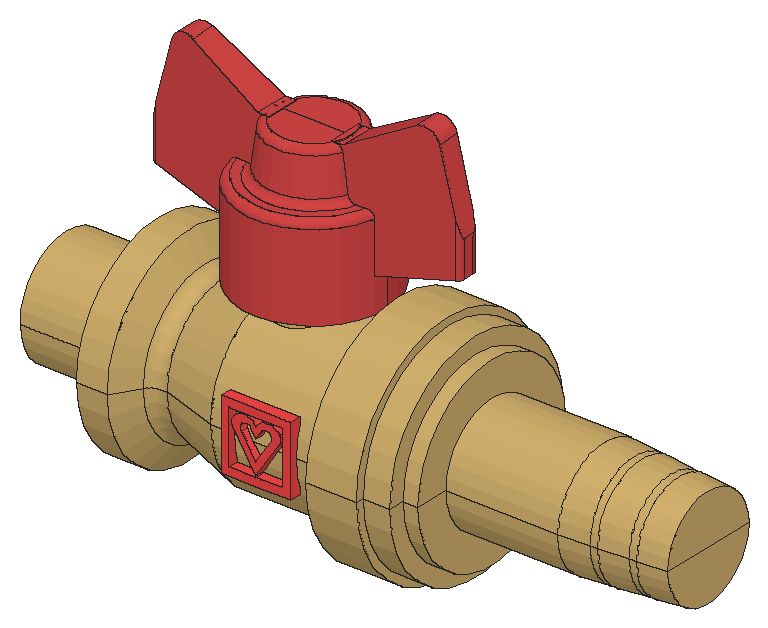
Revit family "Boiler filling and draining valve with hose grommet 2512 01 (02)", category Rohrzubehör, Revit 2018
Family settings
  Bemaßung runder Anschluss = Durchmesser verwenden
  Teiletyp = Normal
  OmniClass-Nummer = 23.65.55.14
  OmniClass-Titel = Valves for Liquid Services
  Arbeitsebenenbasiert = Nein
  Immer vertikal = Ja
  Beim Laden mit Abzugskörper schneiden = Nein
  Gemeinsam genutzt = Nein
Parameters
  min. Operating temperature = -30 °C  # constant formula
  max. Operating temperature = 110 °C  # constant formula
  max. Operating pressure = 1000000.0 Pa  # constant formula
  W1 = 60.00°  # constant formula
  URL = "www.herzvalves.com"
  Spindle = "brass CW614N"  # constant formula
  SCTWSEQ = "ENT;AO;1"
  SCTWCODE = "01;10;01"  # constant formula
  SCRNSEQ = "ARM;ARM_TYP=\"ABSV\";1"
  SCRNCODE = "05;08;01"  # constant formula
  S04 = 6.500 mm  # constant formula
  S03 [instance] = (L06 / 2) + L07 + L08 + L09 + L100  # 36.750 mm
  S02 [instance] = L05 + (L06 / 2)  # 14.250 mm
  S01 [instance] = L00 - (L08 + L09 + L100)  # 53.000 mm
  R99 = 2.000 mm  # constant formula
  R01 [instance] = if(Nennweite = 15.000 mm, 5.500 mm, if(Nennweite = 20.000 mm, 6.000 mm, 1.000 mm))  # 5.500 mm
  Part number [instance] = if(Nennweite = 15.000 mm, 1251201, if(Nennweite = 20.000 mm, 1251202, 0))  # 1251201
  Nennweite [instance] = 15.000 mm
  Medium = "heating water according ÖNORM H5195 or VDI-Standard 2035.\r\nthe use of ethylene, or propylene glycol in a mixing ratio 25-50% is allowed."
  LO1 = 2.500 mm  # constant formula
  L12 = 3.800 mm  # constant formula
  L11 = 8.600 mm  # constant formula
  L100 = 14.600 mm  # constant formula
  L10 = 1.000 mm  # constant formula
  L09 = 13.400 mm  # constant formula
  L08 = 2.000 mm  # constant formula
  L07 = 3.500 mm  # constant formula
  L06 = 6.500 mm  # constant formula
  L05 [instance] = if(Nennweite = 15.000 mm, 11.000 mm, if(Nennweite = 20.000 mm, 14.400 mm, 1.000 mm))  # 11.000 mm
  L04 = 4.000 mm  # constant formula
  L03 [instance] = if(Nennweite = 15.000 mm, 4.000 mm, if(Nennweite = 20.000 mm, 6.000 mm, 1.000 mm))  # 4.000 mm
  L02 [instance] = if(Nennweite = 15.000 mm, 12.000 mm, if(Nennweite = 20.000 mm, 15.000 mm, 1.000 mm))  # 12.000 mm
  L01 [instance] = if(Nennweite = 15.000 mm, 32.000 mm, if(Nennweite = 20.000 mm, 37.600 mm, 1.000 mm))  # 32.000 mm
  L00 [instance] = if(Nennweite = 15.000 mm, 83.000 mm, if(Nennweite = 20.000 mm, 92.000 mm, 1.000 mm))  # 83.000 mm
  Ball = "forged brass CW617N, full bore, surface chrome plated"  # constant formula
  Handle = "aluminium red painted"  # constant formula
  Hersteller = "Herz-Armaturen GmbH"  # constant formula
  H01 [instance] = if(Nennweite = 15.000 mm, 17.000 mm, if(Nennweite = 20.000 mm, 21.000 mm, 1.000 mm))  # 17.000 mm
  H00 [instance] = if(Nennweite = 15.000 mm, 37.000 mm, if(Nennweite = 20.000 mm, 40.000 mm, 1.000 mm))  # 37.000 mm
  Body = "forged brass CW617N"  # constant formula
  G01 [instance] = Nennweite / 2  # 7.500 mm
  Sealings = "ball: PTFE; spindle: PTFE"  # constant formula
  D07 = 6.500 mm  # constant formula
  D06 = 7.500 mm  # constant formula
  D05 = 11.900 mm  # constant formula
  D04 = 14.000 mm  # constant formula
  D03 = 15.000 mm  # constant formula
  D02 [instance] = if(Nennweite = 15.000 mm, 11.700 mm, if(Nennweite = 20.000 mm, 13.900 mm, 1.000 mm))  # 11.700 mm
  D01 [instance] = if(Nennweite = 15.000 mm, 13.400 mm, if(Nennweite = 20.000 mm, 16.500 mm, 1.000 mm))  # 13.400 mm
  Application = "the drain valves are installed as valves to fill and drain systems.\r\nfields of application are building services, such as in heating or chilled water plant in buildings.\r\naromatic chlorinated hydrocarbons such as natural gas or petroleum occurring in, destroy the EPDM seals."
Reference planes
  plane 1 "Mitte (Vorne/hinten)": y = 0
  plane 2: z = 0
  plane 3 "Mitte (Links/rechts)": x = 0
Forms (mm)
  Revolve 1, solid, material "Messing", detail levels fine
    sketch origin (0, 0, 0) x (1, 0, 0) y (0, 1, 0)
      loop
        line (51, 0) -> (51, 6.5) -> (47.2, 6.832) -> (46.2, 6.832) -> (42.4, 7.165) -> (41.4, 7.168) -> (37.6, 7.5) -> (23, 7.5) -> (23, 11.9) -> (21, 11.9) -> (21, 14) -> (17.5, 14) -> (17.5, 15) -> (11, 15) -> (11, 11.7) -> (-4, 11.7) -> (-11.723, 9.187)
        arc (-11.723, 9.187) -> (-13.067, 9.216) -> (-14.089, 10.091) r 2
        line (-14.089, 10.091) -> (-16, 13.4) -> (-20, 13.4) -> (-20, 7.5) -> (-32, 7.5) -> (-32, 0) -> (51, 0)
      axis (51, 0) -> (-32, 0)
    angle from 0 to 360
  Revolve 2, solid, material "Messing", detail levels fine
    sketch origin (0, 0, 0) x (1, 0, 0) y (0, 0, 1)
      loop
        line (0, 0) -> (0, 17) -> (-5.5, 17) -> (-5.5, 0) -> (0, 0)
      axis (0, 17) -> (0, 0)
    angle from 0 to 360
Lines and regions (mm)
  model lines, detail levels coarse+medium
    curve 1: line (-32, 0, 0) -> (21, 0, 0)
    curve 2: line (14.25, 0, 15) -> (14.25, 0, -15)
    curve 3: line (21, 0, 0) -> (51, 0, -6.5)
    curve 4: line (14.25, 15, 0) -> (14.25, -15, 0)
    curve 5: line (21, 0, 0) -> (51, -6.5, 0)
Dimensions and locks
  "L00": Revolve 1 sketch curve to Revolve 1 sketch curve
  "L01": Revolve 1 sketch curve to plane 3 "Mitte (Links/rechts)"
  "L02": Revolve 1 sketch curve to Revolve 1 sketch curve
  "L03": Revolve 1 sketch curve to Revolve 1 sketch curve
  "L04": Revolve 1 sketch curve to plane 3 "Mitte (Links/rechts)"
  "L05": plane 3 "Mitte (Links/rechts)" to Revolve 1 sketch curve
  "L06": Revolve 1 sketch curve to Revolve 1 sketch curve
  "L07": Revolve 1 sketch curve to Revolve 1 sketch curve
  "L08": Revolve 1 sketch curve to Revolve 1 sketch curve
  "L12": Revolve 1 sketch curve to Revolve 1 sketch curve
  "L10": Revolve 1 sketch curve to Revolve 1 sketch curve  (x2)
  "L11": Revolve 1 sketch curve to Revolve 1 sketch curve
  "L09": Revolve 1 sketch curve to Revolve 1 sketch curve
  "L100": Revolve 1 sketch curve to Revolve 1 sketch curve
  "H01": Revolve 2 sketch curve to plane 2
  "R01": plane 3 "Mitte (Links/rechts)" to Revolve 2 sketch curve
  "H00": nested 1 to plane 2
  "S01": curve 1 to curve 1
  "L01": plane 3 "Mitte (Links/rechts)" to curve 1
  "S02": plane 3 "Mitte (Links/rechts)" to curve 2
  "S03": curve 2 to curve 3
  "S04": plane 2 to curve 3
  "S02": plane 3 "Mitte (Links/rechts)" to curve 4
  "S03": curve 4 to curve 5
  "S04": curve 5 to plane 1 "Mitte (Vorne/hinten)"
  "G01": plane 1 "Mitte (Vorne/hinten)" to Revolve 1 sketch curve
  "D01": plane 1 "Mitte (Vorne/hinten)" to Revolve 1 sketch curve
  "D02": Revolve 1 sketch curve to plane 1 "Mitte (Vorne/hinten)"
  "D03": plane 1 "Mitte (Vorne/hinten)" to Revolve 1 sketch curve
  "D04": plane 1 "Mitte (Vorne/hinten)" to Revolve 1 sketch curve
  "D05": plane 1 "Mitte (Vorne/hinten)" to Revolve 1 sketch curve
  "D06": plane 1 "Mitte (Vorne/hinten)" to Revolve 1 sketch curve
  "D07": plane 1 "Mitte (Vorne/hinten)" to Revolve 1 sketch curve
  "D02": nested 2 to plane 1 "Mitte (Vorne/hinten)"
  "LO1": plane 3 "Mitte (Links/rechts)" to nested 2
  "R99": radius of Revolve 1 sketch curve
  angle Revolve 1 sketch curve to Revolve 1 sketch curve = 95.00°  (x3)
  "W1": angle Revolve 1 sketch curve to Revolve 1 sketch curve
  aligned and locked: level to plane 2
Automatic sketch dimensions
  Revolve 2 sketch curve to level = 0.000 mm
  Revolve 2 sketch curve to plane 3 "Mitte (Links/rechts)" = 0.000 mm  (x2)
  Revolve 2 sketch curve to level = 366.045 mm
  Revolve 2 sketch curve to Revolve 2 sketch curve = 2197.315 mm
  curve 1 to level = 0.000 mm
  curve 2 to level = 15.000 mm
  level to curve 2 = 15.000 mm
  plane 1 "Mitte (Vorne/hinten)" to curve 5 = 0.000 mm
  curve 4 to curve 5 = 6.750 mm
  plane 1 "Mitte (Vorne/hinten)" to curve 4 = 15.000 mm
  curve 4 to plane 1 "Mitte (Vorne/hinten)" = 15.000 mm
  Revolve 1 sketch curve to plane 1 "Mitte (Vorne/hinten)" = 0.000 mm
  plane 1 "Mitte (Vorne/hinten)" to Revolve 1 sketch curve = 0.000 mm
  Revolve 1 sketch curve to plane 1 "Mitte (Vorne/hinten)" = 10.091 mm
  Revolve 1 sketch curve to Revolve 1 sketch curve = 1.736 mm
  Revolve 1 sketch curve to plane 1 "Mitte (Vorne/hinten)" = 9.187 mm
  Revolve 1 sketch curve to Revolve 1 sketch curve = 1968.000 mm
  Revolve 1 sketch curve to Revolve 1 sketch curve = 1949.000 mm
Nested families
  nested 1: "Flügelgriff rot" at (0, 0, 13.1), type "Flügelgriff rot", detail levels fine
  nested 2: "Herz-Logo-vorne" at (2.5, -11.7, 0) x (0, 1, 0) z (0, 0, 1), type "Herz-Logo-vorne"
Connectors
  piping at (-32, 0, 0), diameter 15, driven by "Nennweite"
    settings: on Revolve 1, index 1, connector inside diameter 609.6 mm, connector length 0.000 mm, flow factor 0, pipe flow 0.0 L/s, pressure drop 0.0 Pa, fitting loss kfactor 0, connector angle 0.00°, fixture units 0, engagement length 0.000 mm, angle of deflection 0.00°, flow configuration 0, flow direction 0, fitting loss method 0, system type 29, joint type 0, gender type 0, connector reference index -1, connector utility 0, adjustable connector no, is connector primary yes, connector description ""
Definition of nested family "Flügelgriff rot"
  Reference planes
    plane 1 "Mitte (Vorne/hinten)": y = 0
    plane 2: z = 0
    plane 3 "Mitte (Links/rechts)": x = 0
  Forms (mm)
    Revolve 1, solid, detail levels fine
      sketch origin (0, 0, 0) x (1, 0, 0) y (0, 0, 1)
        loop
          line (0, 0) -> (0, 18.5) -> (-4.81, 18.5)
          arc (-4.81, 18.5) -> (-5.477, 18.248) -> (-5.81, 17.616) r 1.009
          line (-5.81, 17.616) -> (-6.39, 12.983)
          arc (-6.39, 12.983) -> (-6.723, 12.352) -> (-7.39, 12.1) r 1.008
          line (-7.39, 12.1) -> (-8.543, 12.1)
          arc (-8.543, 12.1) -> (-9.22, 11.82) -> (-9.5, 11.143) r 0.957
          line (-9.5, 11.143) -> (-9.5, 0) -> (0, 0)
        axis (0, 18.5) -> (0, 0)
      angle from 0 to 360
    Extrusion 2, solid, detail levels fine
      sketch origin (0, 0, 0) x (1, 0, 0) y (0, 1, 0)
        loop
          arc (-20, -0.627) -> (-19.829, -1.058) -> (-19.409, -1.256) r 0.63
          line (-19.409, -1.256) -> (-4, -2.231) -> (-4, 2.225) -> (-19.471, 1.312)
          arc (-19.471, 1.312) -> (-19.847, 1.137) -> (-20, 0.752) r 0.562
          line (-20, 0.752) -> (-20, -0.627)
        loop
          line (20, -0.627) -> (20, 0.752)
          arc (20, 0.752) -> (19.847, 1.137) -> (19.471, 1.312) r 0.562
          line (19.471, 1.312) -> (4.042, 2.223) -> (4.042, -2.228) -> (19.409, -1.256)
          arc (19.409, -1.256) -> (19.829, -1.058) -> (20, -0.627) r 0.63
      from 4.6 to 23.9
    Extrusion 3, void
      sketch origin (0, 0, 0) x (1, 0, 0) y (0, 0, 1)
        loop
          line (-9.5, 4.6) -> (-20, 7.413) -> (-20, 4.6) -> (-9.5, 4.6)
        loop
          line (9.5, 4.6) -> (20, 4.6) -> (20, 7.413) -> (9.5, 4.6)
      from 5 to -5
    Extrusion 4, void
      sketch origin (0, 0, 0) x (1, 0, 0) y (0, 0, 1)
        loop
          line (-5.5, 18.5) -> (5.5, 18.5) -> (14.401, 23.633)
          arc (14.401, 23.633) -> (16.174, 23.744) -> (17.336, 22.401) r 2
          line (17.336, 22.401) -> (20, 12.113) -> (20, 25.076) -> (-20, 25.076) -> (-20, 12.113) -> (-17.336, 22.401)
          arc (-17.336, 22.401) -> (-16.174, 23.744) -> (-14.401, 23.633) r 2
          line (-14.401, 23.633) -> (-5.5, 18.5)
      from 5 to -5
  Cuts and joins
    Extrusion 3, Extrusion 4 cuts Extrusion 2
    Extrusion 4 cuts Revolve 1
  Dimensions and locks
    aligned and locked: level to plane 2
Definition of nested family "Herz-Logo-vorne"
  Reference planes
    plane 1 "Mitte (Vorne/hinten)": y = 0
    plane 2: z = 0
    plane 3 "Mitte (Links/rechts)": x = 0
  Forms (mm)
    Extrusion 1, solid
      sketch origin (0.732, -0.018, 0.017) x (0, -1, 0) y (0, 0, 1)
        loop
          line (-0.018, -4.517) -> (4.482, -4.517) -> (4.482, 4.483) -> (-4.518, 4.483) -> (-4.518, -4.517) -> (-0.018, -4.517)
        loop
          line (-0.05, -3.48) -> (3.482, -3.48) -> (3.482, 3.483) -> (-3.518, 3.483) -> (-3.518, -3.48) -> (-0.05, -3.48)
        loop
          arc (-0.018, 2.383) -> (-1.543, 3.287) -> (-3.067, 2.383) r 1.738
          arc (-3.067, 2.383) -> (-3.191, 1.899) -> (-3.067, 1.415) r 1.009
          line (-3.067, 1.415) -> (-0.018, -3.281) -> (3.032, 1.415)
          arc (3.032, 1.415) -> (3.156, 1.899) -> (3.032, 2.383) r 1.009
          arc (3.032, 2.383) -> (1.507, 3.287) -> (-0.018, 2.383) r 1.738
        loop
          arc (1.885, 1.272) -> (2.005, 1.675) -> (1.885, 2.079) r 0.74
          arc (1.885, 2.079) -> (1.265, 2.416) -> (0.644, 2.079) r 0.74
          line (0.644, 2.079) -> (-0.018, 0.97) -> (-0.679, 2.079)
          arc (-0.679, 2.079) -> (-1.3, 2.416) -> (-1.921, 2.079) r 0.74
          arc (-1.921, 2.079) -> (-2.04, 1.675) -> (-1.921, 1.272) r 0.74
          line (-1.921, 1.272) -> (-0.018, -1.658) -> (1.885, 1.272)
      from 0 to 1.5
  Dimensions and locks
    aligned and locked: level to plane 2
